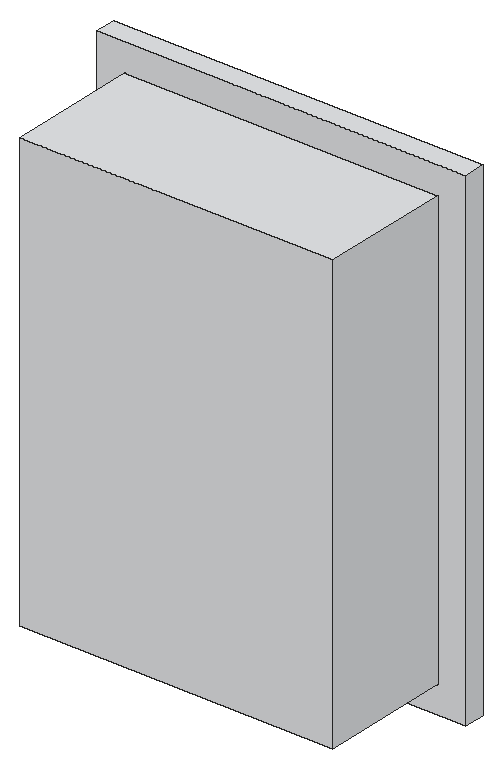
Revit family "DSND0005_revit", category Generic Models, host Wall, Revit 2017
Family settings
  Host = Wall
  Can host rebar = No
  Round Connector Dimension = Use Diameter
  Part Type = Normal
  Always vertical = Yes
  Cut with Voids When Loaded = No
  Shared = No
  Room Calculation Point = No
Parameters (values of type "Type 1")
  Website = "https://dolphy.in/"  # constant formula
  Contact number = "+91 9520202035"  # constant formula
  Contact email = "info@dolphy.in"  # constant formula
  Company name = "Dolphy India"  # constant formula
Reference planes
  plane 1 "Wall": y = 0
  plane 2 "Center (Left/Right)": x = 125
  plane 3 "Back": y = 75
Forms (mm)
  Extrusion 1, void
    sketch origin (0, 0, 0) x (1, 0, 0) y (0, 0, 1)
      loop
        line (264.75, 195) -> (-14.75, 195) -> (-14.75, -195) -> (264.75, -195) -> (264.75, 195)
    from -75 to 42
Text (mm)
  text "Placement Side" at (-1848.837, 1116.779, 0), in view "Ref. Level"
  text "Placement side" at (0, 1409.804, 2854.306), in view "Left"
  text "Placement side" at (0, 499.811, 2980.732), in view "Right"
Dimensions and locks
  locked: plane 3 "Back" to host wall
  level to Extrusion 1 = 195 mm
  aligned and locked: plane 1 "Wall" to host wall
  aligned and locked: nested 1 to plane 2 "Center (Left/Right)"
  aligned and locked: nested 1 to plane 3 "Back"
  aligned and locked: host wall to Extrusion 1
  aligned and locked: Extrusion 1 to nested 1  (x3)
  aligned and locked: nested 1 to Extrusion 1
Nested families
  nested 1: "21 L Stainless Steel Recessed Panel With Waste Bin_IN" at (125, 75, 0) x (-1, 0, 0) z (0, 0, 1), type "21 L Stainless Steel Recessed Panel With Waste Bin_IN"
Definition of nested family "21 L Stainless Steel Recessed Panel With Waste Bin_IN"
  Parameters (values of type "21 L Stainless Steel Recessed Panel With Waste Bin_IN")
    Website = "https://dolphy.in/"  # constant formula
    M&L = none
    Default Elevation = 1219.2 mm
    Contact number = "+91 9520202035"  # constant formula
    Contact email = "info@dolphy.in"  # constant formula
    Company = "Dolphy India"  # constant formula
  Reference planes
    plane 1 "Center (Front/Back)": y = 0
    plane 2: z = 0
    plane 3 "Center (Left/Right)": x = 0
    plane 4: x = 0
    plane 5 "back": y = 117
  Forms (mm)
    Extrusion 1, solid, material <- "M&L"
      sketch origin (0, 0, 0) x (1, 0, 0) y (0, 0, 1)
        loop
          line (-164.5, 220) -> (-164.5, -220) -> (164.5, -220) -> (164.5, 220) -> (-164.5, 220)
        loop
          line (-139.75, 195.25) -> (-139.75, -195.25) -> (139.75, -195.25) -> (139.75, 195.25) -> (-139.75, 195.25)
      from 0 to 19
    Extrusion 2, solid, material <- "M&L"
      sketch origin (0, 117, 0) x (0, 0, 1) y (1, 0, 0)
        loop
          line (195, 139.5) -> (-195, 139.5) -> (-195, -139.5) -> (195, -139.5) -> (195, 139.5)
      from 0 to -138
    Sweep 3, void
      path in 3D
        loop
          line (139.5, -21, 195) -> (-139.5, -21, 195) -> (-139.5, -21, -195) -> (139.5, -21, -195) -> (139.5, -21, 195)
      profile origin (139.5, -21, 0) x (0, -1, 0) y (1, 0, 0)
        loop
          line (0.667, -3.248) -> (3.969, 4.531) -> (-1.686, 0.279)
          arc (-1.686, 0.279) -> (-0.213, -1.287) -> (0.667, -3.248) r 6.475
    Blend 4, void
      base sketch origin (0, -21, 0) x (0, 0, -1) y (1, 0, 0)
        loop
          line (-158.947, -105) -> (-53.947, -105)
          arc (-53.947, -105) -> (-46.876, -102.071) -> (-43.947, -95) r 10
          line (-43.947, -95) -> (-43.947, 0) -> (-43.947, 95)
          arc (-43.947, 95) -> (-46.876, 102.071) -> (-53.947, 105) r 10
          line (-53.947, 105) -> (-158.947, 105)
          arc (-158.947, 105) -> (-166.018, 102.071) -> (-168.947, 95) r 10
          line (-168.947, 95) -> (-168.947, 0) -> (-168.947, -95)
          arc (-168.947, -95) -> (-166.018, -102.071) -> (-158.947, -105) r 10
      top sketch origin (0, -21, 0) x (0, 0, -1) y (1, 0, 0)
        loop
          line (-166.947, 0) -> (-166.947, -95)
          arc (-166.947, -95) -> (-164.604, -100.657) -> (-158.947, -103) r 8
          line (-158.947, -103) -> (-53.947, -103)
          arc (-53.947, -103) -> (-48.29, -100.657) -> (-45.947, -95) r 8
          line (-45.947, -95) -> (-45.947, 0) -> (-45.947, 95)
          arc (-45.947, 95) -> (-48.29, 100.657) -> (-53.947, 103) r 8
          line (-53.947, 103) -> (-158.947, 103)
          arc (-158.947, 103) -> (-164.604, 100.657) -> (-166.947, 95) r 8
          line (-166.947, 95) -> (-166.947, 0)
      from 0 to -2.5
    Blend 5, solid, material <- "M&L"
      base sketch origin (0, -21, 0) x (0, 0, -1) y (1, 0, 0)
        loop
          circle (5.27, -106.977) r 10
      top sketch origin (0, -21, 0) x (0, 0, -1) y (1, 0, 0)
        loop
          circle (5.27, -106.977) r 8.685
      from 0 to 2.5
    Extrusion 6, void
      sketch origin (0, -23.5, 0) x (0, 0, 1) y (1, 0, 0)
        loop
          line (-4.349, -112.759) -> (-4.349, -101.254) -> (-6.193, -101.254) -> (-6.193, -112.759) -> (-4.349, -112.759)
      from 0 to 2
  Cuts and joins
    Sweep 3, Blend 4, Extrusion 6 cuts Extrusion 2
    Extrusion 6 cuts Blend 5
  Lines and regions (mm)
    sketch lines
      curve 1: line (139.5, -21, -195) -> (139.5, -21, 195)
      curve 2: line (139.5, -21, 195) -> (-139.5, -21, 195)
      curve 3: line (-139.5, -21, 195) -> (-139.5, -21, -195)
      curve 4: line (-139.5, -21, -195) -> (139.5, -21, -195)
  Dimensions and locks
    Extrusion 1 to Extrusion 1 = 329 mm
    Extrusion 1 to Extrusion 1 = 440 mm
    Extrusion 1 to plane 5 "back" = 117 mm
    Extrusion 1 to Extrusion 1 to plane 1 "Center (Front/Back)" = 19 mm, 0 mm
    cut or joined group of Extrusion 2, Sweep 3, Blend 4, Extrusion 6 to cut or joined group of Extrusion 2, Sweep 3, Blend 4, Extrusion 6 = 390 mm
    aligned and locked: level to plane 2
